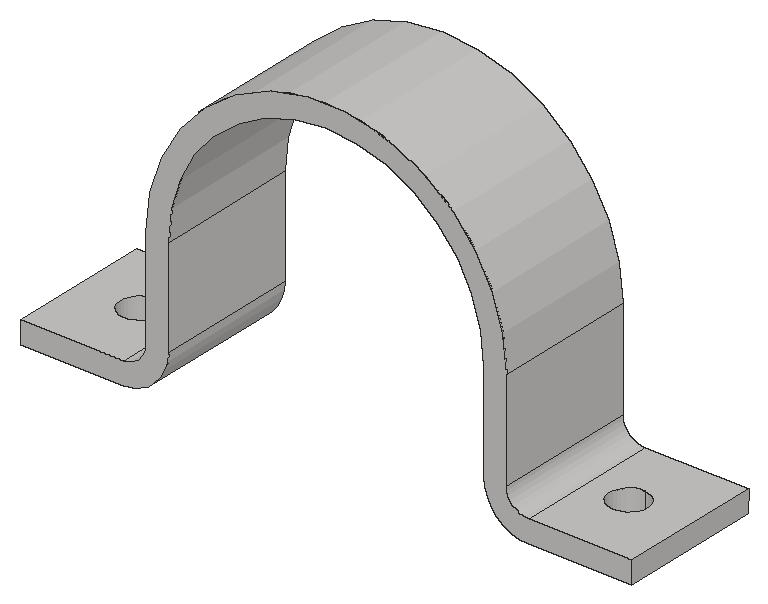
Revit family "Pipe-Strap-Atkore-Single-Piece-P2558-30", category Specialty Equipment, Revit 2012
Parameters (values of type "P2558-30")
  ecoScorecard_data = ""
  ecoScorecard Product Page = ""
  Unit = Metal - Aluminum - Atkore - Electro - Galvanized
  URL = "http://unistrut.us/index.php"
  Thickness = 6.40 mm
  Subcategory = "Pipe Strap"  # constant formula
  Product Page URL = ""
  Part Type = "Strap"  # constant formula
  Part Number = "P2558-30"
  Overall Width = 173.831 mm
  Overall Height = 92.094 mm
  Overall Depth = 41.275 mm
  Model = "P2558-30"  # constant formula
  Material = "Multiple Options - See Catalog"
  Manufacturer Toll Free Phone = "800-882-5543"  # constant formula
  Manufacturer Phone = "708-339-1610"  # constant formula
  Manufacturer Fax = "708-339-7814"  # constant formula
  Manufacturer Email = "mailto:questions@atkore.com"
  Manufacturer Address = "16100 South Lathrop Avenue, Harvey, IL 60426"  # constant formula
  Manufacturer = "Unistrut by Atkore International"  # constant formula
  Load Capacity Note = "Visit the product page for load application and capacity."  # constant formula
  Literature URL = ""
  Description = "Single Piece Pipe Strap"  # constant formula
  Cost Info = "mailto:questions@atkore.com"
  Construction Note = ""
  CSI MasterSpec = ""
  CAD URL = ""
  Assembly Code = "D5090300"
  95 CSI = "16070"  # constant formula
  04 CSI = "26 05 48"  # constant formula
Reference planes
  plane 1 "Center (Front/Back)": y = 0
  plane 2: z = 0
  plane 3 "Center (Left/Right)": x = 0
  plane 4: y = 20.637
  plane 5: y = -20.637
  plane 6: x = -86.916
  plane 7: x = 86.916
  plane 8: z = 92.094
Dimensions and locks
  equal spacing: plane 4, plane 1 "Center (Front/Back)", plane 5
  "Overall Height": plane 8 to level
  "Overall Depth": plane 4 to plane 5
  "Overall Width": plane 6 to plane 7
  equal spacing: plane 6, plane 3 "Center (Left/Right)", plane 7
  aligned and locked: level to plane 2
  aligned and locked: plane 3 "Center (Left/Right)" to nested 1
  aligned and locked: plane 1 "Center (Front/Back)" to nested 1
Nested families
  nested 1: "P2558-30" at (0, 0, 0), type "P2558-30"
Definition of nested family "P2558-30"
  Parameters (values of type "P2558-30")
    Unit = none
    Default Elevation = 0.00 mm
    C = 17.50 mm
    B = 11.10 mm
    A = 174.60 mm
  Reference planes
    plane 1 "Center (Front/Back)": y = 0
    plane 2: z = 0
    plane 3 "Center (Left/Right)": x = 0
    plane 4: y = -20.638
    plane 5: x = -86.916
    plane 6: x = 86.916
    plane 7: y = 20.637
    plane 8: z = 92.075
  Forms (mm)
    Sweep 1, solid, material <- "Unit"
      path origin (0, 0, 0) x (1, 0, 0) y (0, 1, 0)
        loop
          line (0, 20.637) -> (0, -20.638)
      profile origin (0, 0, 0) x (1, 0, 0) y (0, 0, 1)
        loop
          arc (51.197, 40.878) -> (0, 92.075) -> (-51.197, 40.878) r 51.197
          line (-51.197, 40.878) -> (-51.197, 12.7)
          arc (-51.197, 12.7) -> (-53.057, 8.21) -> (-57.547, 6.35) r 6.35
          line (-57.547, 6.35) -> (-57.547, 0)
          arc (-57.547, 0) -> (-48.567, 3.72) -> (-44.847, 12.7) r 12.7
          line (-44.847, 12.7) -> (-44.847, 40.878)
          arc (-44.847, 40.878) -> (0, 85.725) -> (44.847, 40.878) r 44.847
          line (44.847, 40.878) -> (44.847, 12.7)
          arc (44.847, 12.7) -> (48.567, 3.72) -> (57.547, 0) r 12.7
          line (57.547, 0) -> (57.547, 6.35)
          arc (57.547, 6.35) -> (53.057, 8.21) -> (51.197, 12.7) r 6.35
          line (51.197, 12.7) -> (51.197, 40.878)
    Sweep 2, solid, material <- "Unit"
      path origin (0, 0, 0) x (1, 0, 0) y (0, 0, 1)
        loop
          line (-86.916, 6.35) -> (-86.916, 0)
      profile origin (-86.916, 0, 3.175) x (0, -1, 0) y (1, 0, 0)
        loop
          line (20.638, 29.369) -> (-20.638, 29.369) -> (-20.638, 0) -> (20.638, 0) -> (20.638, 29.369)
        loop
          circle (0, 17.463) r 5.556
    Sweep 3, solid, material <- "Unit"
      path origin (0, 0, 0) x (-1, 0, 0) y (0, 0, 1)
        loop
          line (-86.916, 6.35) -> (-86.916, 0)
      profile origin (86.916, 0, 3.175) x (0, -1, 0) y (1, 0, 0)
        loop
          line (20.638, -29.369) -> (20.638, 0) -> (-20.638, 0) -> (-20.638, -29.369) -> (20.638, -29.369)
        loop
          circle (0, -17.463) r 5.556
  Cuts and joins
    joined: Sweep 1, Sweep 2, Sweep 3
  Dimensions and locks
    equal spacing: plane 4, plane 1 "Center (Front/Back)", plane 7
    equal spacing: plane 5, plane 3 "Center (Left/Right)", plane 6
    aligned and locked: plane 2 to level
    aligned and locked: plane 7 to Sweep 1 sketch curve
    aligned and locked: Sweep 1 sketch curve to plane 3 "Center (Left/Right)"
  Automatic sketch dimensions
    Sweep 1 sketch curve to plane 4 = 0.00 mm
    Sweep 1 sketch curve to Sweep 1 sketch curve = 0.00 mm  (x6)
    Sweep 1 sketch curve to level = 0.00 mm  (x2)
    profile plane to Sweep 1 sketch curve = 0.00 mm
    profile plane to Sweep 1 sketch curve = 44.847 mm
    Sweep 1 sketch curve to Sweep 1 sketch curve = 6.35 mm  (x3)
    Sweep 1 sketch curve to Sweep 1 sketch curve = 28.178 mm
    Sweep 2 sketch curve to level = 0.00 mm
    Sweep 2 sketch curve to plane 5 = 0.00 mm
    Sweep 2 sketch curve to Sweep 2 sketch curve = 6.35 mm
    Sweep 2 sketch curve to profile plane = 0.00 mm
    plane 1 "Center (Front/Back)" to Sweep 2 sketch curve = 0.00 mm
    Sweep 2 sketch curve to plane 1 "Center (Front/Back)" = 20.638 mm
    plane 1 "Center (Front/Back)" to Sweep 2 sketch curve = 20.638 mm
    Sweep 2 sketch curve to profile plane = 17.463 mm
    Sweep 2 sketch curve to Sweep 2 sketch curve = 11.906 mm
    Sweep 3 sketch curve to level = 0.00 mm
    Sweep 3 sketch curve to plane 6 = 0.00 mm
    Sweep 3 sketch curve to Sweep 3 sketch curve = 6.35 mm
    Sweep 3 sketch curve to profile plane = 0.00 mm
    plane 1 "Center (Front/Back)" to Sweep 3 sketch curve = 0.00 mm
    Sweep 3 sketch curve to plane 1 "Center (Front/Back)" = 20.638 mm
    plane 1 "Center (Front/Back)" to Sweep 3 sketch curve = 20.638 mm
    profile plane to Sweep 3 sketch curve = 17.463 mm
    Sweep 3 sketch curve to Sweep 3 sketch curve = 11.906 mm
    radius of Sweep 2 sketch curve = 5.556 mm
    radius of Sweep 3 sketch curve = 5.556 mm
